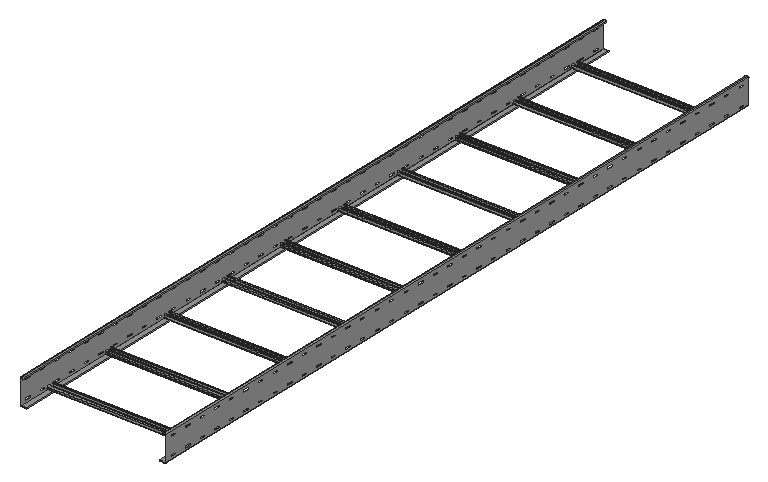
Revit family "Kabelleiter LG 116 VS 3 FT", category Generic Models, Revit 2017
Family settings
  Can host rebar = No
  Round Connector Dimension = Use Diameter
  Part Type = Normal
  Work Plane-Based = No
  Always vertical = Yes
  Cut with Voids When Loaded = No
  Shared = No
  Room Calculation Point = No
Parameters (values of type "LG 116 VS 3 FT")
  Width 1 = Width / 2  # 300 mm
  Width = 600 mm
  URL = "http://www.obo-bettermann.com"
  Material = Hot dip galvanised
  Manufacturer Art.No. = "6216435"
  Manufacturer = "OBO BETTERMANN"
  Length = 3000 mm
  GTIN = "4012195065272"
  Cut's space 2 = 75 mm
  Cut's space = 300 mm
  Cut's number 4 = 11
  Cut's number 3 = 40
  Cut's number 2 = 2
  Cut's number = 10
  Article Type = "LG 116 VS 3 FT"
Reference planes
  plane 1 "Center (Front/Back)": y = 0
  plane 2: z = 0
  plane 3 "Center (Left/Right)": x = 0
  plane 4: x = 300
  plane 5: z = 110
  plane 6: z = 104
  plane 7: z = 104
  plane 8: x = 600
  plane 9: x = 300
  plane 10: y = 3000
  plane 11: y = 150
  plane 12: x = 598.499
  plane 13: x = 1.496
  plane 14: y = 450
  plane 15: y = 750
  plane 16: y = 1050
  plane 17: y = 1350
  plane 18: y = 1650
  plane 19: y = 1950
  plane 20: y = 2250
  plane 21: y = 2550
  plane 22: y = 2850
  plane 23: z = 14
  plane 24: y = 37.5
  plane 25: z = 89
  plane 26: y = 37.5
  plane 27: z = 14
  plane 28: y = 112.5
  plane 29: z = 89
  plane 30: y = 112.5
  plane 31: z = 14
  plane 32: y = 187.5
  plane 33: z = 89
  plane 34: y = 187.5
  plane 35: z = 14
  plane 36: y = 262.5
  plane 37: z = 89
  plane 38: y = 262.5
  plane 39: z = 14
  plane 40: y = 337.5
  plane 41: z = 89
  plane 42: y = 337.5
  plane 43: z = 14
  plane 44: y = 412.5
  plane 45: z = 89
  plane 46: y = 412.5
  plane 47: z = 14
  plane 48: y = 487.5
  plane 49: z = 89
  plane 50: y = 487.5
  plane 51: z = 14
  plane 52: y = 562.5
  plane 53: z = 89
  plane 54: y = 562.5
  plane 55: z = 14
  plane 56: y = 637.5
  plane 57: z = 89
  plane 58: y = 637.5
  plane 59: z = 14
  plane 60: y = 712.5
  plane 61: z = 89
  plane 62: y = 712.5
  plane 63: z = 14
  plane 64: y = 787.5
  plane 65: z = 89
  plane 66: y = 787.5
  plane 67: z = 14
  plane 68: y = 862.5
  plane 69: z = 89
  plane 70: y = 862.5
  plane 71: z = 14
  plane 72: y = 937.5
  plane 73: z = 89
  plane 74: y = 937.5
  plane 75: z = 14
  plane 76: y = 1012.5
  plane 77: z = 89
  plane 78: y = 1012.5
  plane 79: z = 14
  plane 80: y = 1087.5
  plane 81: z = 89
  plane 82: y = 1087.5
  plane 83: z = 14
  plane 84: y = 1162.5
  plane 85: z = 89
  plane 86: y = 1162.5
  plane 87: z = 14
  plane 88: y = 1237.5
  plane 89: z = 89
  plane 90: y = 1237.5
  plane 91: z = 14
  plane 92: y = 1312.5
  plane 93: z = 89
  plane 94: y = 1312.5
  plane 95: z = 14
  plane 96: y = 1387.5
  plane 97: z = 89
  plane 98: y = 1387.5
  plane 99: z = 14
  plane 100: y = 1462.5
  plane 101: z = 89
  plane 102: y = 1462.5
  plane 103: z = 14
  plane 104: y = 1537.5
  plane 105: z = 89
  plane 106: y = 1537.5
  plane 107: z = 14
  plane 108: y = 1612.5
  plane 109: z = 89
  plane 110: y = 1612.5
  plane 111: z = 14
  plane 112: y = 1687.5
  plane 113: z = 89
  plane 114: y = 1687.5
  plane 115: z = 14
  plane 116: y = 1762.5
  plane 117: z = 89
  plane 118: y = 1762.5
  plane 119: z = 14
  plane 120: y = 1837.5
  plane 121: z = 89
  plane 122: y = 1837.5
  plane 123: z = 14
  plane 124: y = 1912.5
  plane 125: z = 89
  plane 126: y = 1912.5
  plane 127: z = 14
  plane 128: y = 1987.5
  plane 129: z = 89
  plane 130: y = 1987.5
  plane 131: z = 14
  plane 132: y = 2062.5
  plane 133: z = 89
  plane 134: y = 2062.5
  plane 135: z = 14
  plane 136: y = 2137.5
  plane 137: z = 89
  plane 138: y = 2137.5
  plane 139: z = 14
  plane 140: y = 2212.5
  plane 141: z = 89
  plane 142: y = 2212.5
  plane 143: z = 14
  plane 144: y = 2287.5
  plane 145: z = 89
  plane 146: y = 2287.5
  plane 147: z = 14
  plane 148: y = 2362.5
  plane 149: z = 89
  plane 150: y = 2362.5
  plane 151: z = 14
  plane 152: y = 2437.5
  plane 153: z = 89
  plane 154: y = 2437.5
  plane 155: z = 14
  plane 156: y = 2512.5
  plane 157: z = 89
  plane 158: y = 2512.5
  plane 159: z = 14
  plane 160: y = 2587.5
  plane 161: z = 89
  plane 162: y = 2587.5
  plane 163: z = 14
  plane 164: y = 2662.5
  plane 165: z = 89
  plane 166: y = 2662.5
  plane 167: z = 14
  plane 168: y = 2737.5
  plane 169: z = 89
  plane 170: y = 2737.5
  plane 171: z = 14
  plane 172: y = 2812.5
  plane 173: z = 89
  plane 174: y = 2812.5
  plane 175: z = 14
  plane 176: y = 2887.5
  plane 177: z = 89
  plane 178: y = 2887.5
  plane 179: z = 14
  plane 180: y = 2962.5
  plane 181: z = 89
  plane 182: y = 2962.5
  plane 183: y = 37.5
  plane 184: z = 14
  plane 185: y = 37.5
  plane 186: z = 89
  plane 187: y = 112.5
  plane 188: z = 14
  plane 189: y = 112.5
  plane 190: z = 89
  plane 191: y = 187.5
  plane 192: z = 14
  plane 193: y = 187.5
  plane 194: z = 89
  plane 195: y = 262.5
  plane 196: z = 14
  plane 197: y = 262.5
  plane 198: z = 89
  plane 199: y = 337.5
  plane 200: z = 14
  plane 201: y = 337.5
  plane 202: z = 89
  plane 203: y = 412.5
  plane 204: z = 14
  plane 205: y = 412.5
  plane 206: z = 89
  plane 207: y = 487.5
  plane 208: z = 14
  plane 209: y = 487.5
  plane 210: z = 89
  plane 211: y = 562.5
  plane 212: z = 14
  plane 213: y = 562.5
  plane 214: z = 89
  plane 215: y = 637.5
  plane 216: z = 14
  plane 217: y = 637.5
  plane 218: z = 89
  plane 219: y = 712.5
  plane 220: z = 14
  plane 221: y = 712.5
  plane 222: z = 89
  plane 223: y = 787.5
  plane 224: z = 14
  plane 225: y = 787.5
  plane 226: z = 89
  plane 227: y = 862.5
  plane 228: z = 14
  plane 229: y = 862.5
  plane 230: z = 89
  plane 231: y = 937.5
  plane 232: z = 14
  plane 233: y = 937.5
  plane 234: z = 89
  plane 235: y = 1012.5
  plane 236: z = 14
  plane 237: y = 1012.5
  plane 238: z = 89
  plane 239: y = 1087.5
  plane 240: z = 14
  plane 241: y = 1087.5
  plane 242: z = 89
  plane 243: y = 1162.5
  plane 244: z = 14
  plane 245: y = 1162.5
  plane 246: z = 89
  plane 247: y = 1237.5
  plane 248: z = 14
  plane 249: y = 1237.5
  plane 250: z = 89
  plane 251: y = 1312.5
  plane 252: z = 14
  plane 253: y = 1312.5
  plane 254: z = 89
  plane 255: y = 1387.5
  plane 256: z = 14
  plane 257: y = 1387.5
  plane 258: z = 89
  plane 259: y = 1462.5
  plane 260: z = 14
  plane 261: y = 1462.5
  plane 262: z = 89
  plane 263: y = 1537.5
  plane 264: z = 14
  plane 265: y = 1537.5
  plane 266: z = 89
  plane 267: y = 1612.5
  plane 268: z = 14
  plane 269: y = 1612.5
  plane 270: z = 89
  plane 271: y = 1687.5
  plane 272: z = 14
  plane 273: y = 1687.5
  plane 274: z = 89
  plane 275: y = 1762.5
  plane 276: z = 14
  plane 277: y = 1762.5
  plane 278: z = 89
  plane 279: y = 1837.5
  plane 280: z = 14
  plane 281: y = 1837.5
  plane 282: z = 89
  plane 283: y = 1912.5
  plane 284: z = 14
  plane 285: y = 1912.5
  plane 286: z = 89
  plane 287: y = 1987.5
  plane 288: z = 14
  plane 289: y = 1987.5
  plane 290: z = 89
  plane 291: y = 2062.5
  plane 292: z = 14
  plane 293: y = 2062.5
  plane 294: z = 89
  plane 295: y = 2137.5
  plane 296: z = 14
  plane 297: y = 2137.5
  plane 298: z = 89
  plane 299: y = 2212.5
  plane 300: z = 14
  plane 301: y = 2212.5
  plane 302: z = 89
  plane 303: y = 2287.5
  plane 304: z = 14
  plane 305: y = 2287.5
  plane 306: z = 89
  plane 307: y = 2362.5
  plane 308: z = 14
  plane 309: y = 2362.5
  plane 310: z = 89
  plane 311: y = 2437.5
  plane 312: z = 14
  plane 313: y = 2437.5
  plane 314: z = 89
  plane 315: y = 2512.5
  plane 316: z = 14
  plane 317: y = 2512.5
  plane 318: z = 89
  plane 319: y = 2587.5
  plane 320: z = 14
  plane 321: y = 2587.5
  plane 322: z = 89
  plane 323: y = 2662.5
  plane 324: z = 14
  plane 325: y = 2662.5
  plane 326: z = 89
  plane 327: y = 2737.5
  plane 328: z = 14
  plane 329: y = 2737.5
  plane 330: z = 89
  plane 331: y = 2812.5
  plane 332: z = 14
  plane 333: y = 2812.5
  plane 334: z = 89
  plane 335: y = 2887.5
  plane 336: z = 14
  plane 337: y = 2887.5
  plane 338: z = 89
  plane 339: y = 2962.5
  plane 340: z = 14
  plane 341: y = 2962.5
  plane 342: z = 89
  plane 343: x = 48.996
  plane 344: y = 150
  plane 345: x = 98.996
  plane 346: y = 150
  plane 347: x = 148.996
  plane 348: y = 150
  plane 349: x = 198.996
  plane 350: y = 150
  plane 351: x = 248.996
  plane 352: y = 150
  plane 353: x = 298.996
  plane 354: y = 150
  plane 355: x = 345.867
  plane 356: y = 150
  plane 357: x = 398.996
  plane 358: y = 150
  plane 359: x = 448.996
  plane 360: y = 150
  plane 361: x = 498.996
  plane 362: y = 150
  plane 363: x = 548.996
  plane 364: y = 150
  plane 365: x = 48.996
  plane 366: y = 750
  plane 367: x = 48.996
  plane 368: y = 1050
  plane 369: x = 48.996
  plane 370: y = 1350
  plane 371: x = 48.996
  plane 372: y = 1650
  plane 373: x = 48.996
  plane 374: y = 1950
  plane 375: x = 48.996
  plane 376: y = 2250
  plane 377: x = 48.996
  plane 378: y = 2550
  plane 379: x = 48.996
  plane 380: y = 2850
  plane 381: y = 450
  plane 382: x = 48.996
  plane 383: y = 450
  plane 384: x = 98.996
  plane 385: y = 450
  plane 386: x = 148.996
  plane 387: y = 450
  plane 388: x = 198.996
  plane 389: y = 450
  plane 390: x = 248.996
  plane 391: y = 450
  plane 392: x = 298.996
  plane 393: y = 450
  plane 394: x = 348.996
  plane 395: y = 450
  plane 396: x = 398.996
  plane 397: y = 450
  plane 398: x = 448.996
  plane 399: y = 450
  plane 400: x = 498.996
  plane 401: y = 450
  plane 402: x = 548.996
  plane 403: x = 98.996
  plane 404: y = 750
  plane 405: x = 148.996
  plane 406: y = 750
  plane 407: x = 198.996
  plane 408: y = 750
  plane 409: x = 248.996
  plane 410: y = 750
  plane 411: x = 298.996
  plane 412: y = 750
  plane 413: x = 348.996
  plane 414: y = 750
  plane 415: x = 398.996
  plane 416: y = 750
  plane 417: x = 448.996
  plane 418: y = 750
  plane 419: x = 498.996
  plane 420: y = 750
  plane 421: x = 548.996
  plane 422: y = 750
  plane 423: x = 98.996
  plane 424: y = 1050
  plane 425: x = 148.996
  plane 426: y = 1050
  plane 427: x = 198.996
  plane 428: y = 1050
  plane 429: x = 248.996
  plane 430: y = 1050
  plane 431: x = 298.996
  plane 432: y = 1050
  plane 433: x = 348.996
  plane 434: y = 1050
  plane 435: x = 398.996
  plane 436: y = 1050
  plane 437: x = 448.996
  plane 438: y = 1050
  plane 439: x = 498.996
  plane 440: y = 1050
  plane 441: x = 548.996
  plane 442: y = 1050
  plane 443: x = 98.996
  plane 444: y = 1350
  plane 445: x = 148.996
  plane 446: y = 1350
  plane 447: x = 198.996
  plane 448: y = 1350
  plane 449: x = 248.996
  plane 450: y = 1350
  plane 451: x = 298.996
  plane 452: y = 1350
  plane 453: x = 348.996
  plane 454: y = 1350
  plane 455: x = 398.996
  plane 456: y = 1350
  plane 457: x = 448.996
  plane 458: y = 1350
  plane 459: x = 498.996
  plane 460: y = 1350
  plane 461: x = 548.996
  plane 462: y = 1350
  plane 463: x = 98.996
  plane 464: y = 1650
  plane 465: x = 148.996
  plane 466: y = 1650
  plane 467: x = 198.996
  plane 468: y = 1650
  plane 469: x = 248.996
  plane 470: y = 1650
  plane 471: x = 298.996
  plane 472: y = 1650
  plane 473: x = 348.996
  plane 474: y = 1650
  plane 475: x = 398.996
  plane 476: y = 1650
  plane 477: x = 448.996
  plane 478: y = 1650
  plane 479: x = 498.996
  plane 480: y = 1650
  plane 481: x = 548.996
  plane 482: y = 1650
  plane 483: x = 98.996
  plane 484: y = 1950
  plane 485: x = 148.996
  plane 486: y = 1950
  plane 487: x = 198.996
  plane 488: y = 1950
  plane 489: x = 248.996
  plane 490: y = 1950
  plane 491: x = 298.996
  plane 492: y = 1950
  plane 493: x = 348.996
  plane 494: y = 1950
  plane 495: x = 398.996
  plane 496: y = 1950
  plane 497: x = 448.996
  plane 498: y = 1950
  plane 499: x = 498.996
  plane 500: y = 1950
  plane 501: x = 548.996
  plane 502: y = 1950
  plane 503: x = 98.996
  plane 504: y = 2250
  plane 505: x = 148.996
  plane 506: y = 2250
  plane 507: x = 198.996
  plane 508: y = 2250
  plane 509: x = 248.996
  plane 510: y = 2250
  plane 511: x = 298.996
  plane 512: y = 2250
  plane 513: x = 348.996
  plane 514: y = 2250
  plane 515: x = 398.996
  plane 516: y = 2250
  plane 517: x = 448.996
  plane 518: y = 2250
  plane 519: x = 498.996
  plane 520: y = 2250
  plane 521: x = 548.996
  plane 522: y = 2250
  plane 523: x = 98.996
  plane 524: y = 2550
  plane 525: x = 148.996
  plane 526: y = 2550
  plane 527: x = 198.996
  plane 528: y = 2550
  plane 529: x = 248.996
  plane 530: y = 2550
  plane 531: x = 298.996
  plane 532: y = 2550
  plane 533: x = 348.996
  plane 534: y = 2550
  plane 535: x = 398.996
  plane 536: y = 2550
  plane 537: x = 448.996
  plane 538: y = 2550
  plane 539: x = 498.996
  plane 540: y = 2550
  plane 541: x = 548.996
  plane 542: y = 2550
  plane 543: x = 98.996
  plane 544: y = 2850
  plane 545: x = 148.996
  plane 546: y = 2850
  plane 547: x = 198.996
  plane 548: y = 2850
  plane 549: x = 248.996
  plane 550: y = 2850
  plane 551: x = 298.996
  plane 552: y = 2850
  plane 553: x = 348.996
  plane 554: y = 2850
  plane 555: x = 398.996
  plane 556: y = 2850
  plane 557: x = 448.996
  plane 558: y = 2850
  plane 559: x = 498.996
  plane 560: y = 2850
  plane 561: x = 548.996
  plane 562: y = 2850
Forms (mm)
  Extrusion 1, solid, material "Hot dip galvanised" <- "Material"
    sketch origin (0, 0, 0) x (1, 0, 0) y (0, 0, 1)
      loop
        line (2.5, 0) -> (26.959, 0) -> (26.959, 1.5) -> (2.5, 1.5)
        arc (2.5, 1.5) -> (1.793, 1.793) -> (1.5, 2.5) r 1
        line (1.5, 2.5) -> (1.5, 104)
        arc (1.5, 104) -> (6, 108.5) -> (10.5, 104) r 4.5
        line (10.5, 104) -> (10.5, 101) -> (12, 101) -> (12, 104)
        arc (12, 104) -> (6, 110) -> (0, 104) r 6
        line (0, 104) -> (0, 2.5)
        arc (0, 2.5) -> (0.732, 0.732) -> (2.5, 0) r 2.5
      loop
        line (600, 2.5) -> (600, 104)
        arc (600, 104) -> (594, 110) -> (588, 104) r 6
        line (588, 104) -> (588, 101) -> (589.5, 101) -> (589.5, 104)
        arc (589.5, 104) -> (594, 108.5) -> (598.5, 104) r 4.5
        line (598.5, 104) -> (598.5, 2.5)
        arc (598.5, 2.5) -> (598.207, 1.793) -> (597.5, 1.5) r 1
        line (597.5, 1.5) -> (573, 1.5) -> (573, 0) -> (597.5, 0)
        arc (597.5, 0) -> (599.268, 0.732) -> (600, 2.5) r 2.5
    from 0 to -3000
  Extrusion 2, solid, material "Hot dip galvanised" <- "Material"
    sketch origin (0, 0, 0) x (0, 1, 0) y (0, 0, 1)
      loop
        line (150, 3) -> (138, 3)
        arc (138, 3) -> (136.939, 3.439) -> (136.5, 4.5) r 1.5
        line (136.5, 4.5) -> (136.5, 13.5)
        arc (136.5, 13.5) -> (136.939, 14.561) -> (138, 15) r 1.5
        line (138, 15) -> (141.496, 15) -> (141.496, 16.5) -> (138, 16.5)
        arc (138, 16.5) -> (135.879, 15.621) -> (135, 13.5) r 3
        line (135, 13.5) -> (135, 4.5)
        arc (135, 4.5) -> (135.879, 2.379) -> (138, 1.5) r 3
        line (138, 1.5) -> (150, 1.5) -> (162, 1.5)
        arc (162, 1.5) -> (164.121, 2.379) -> (165, 4.5) r 3
        line (165, 4.5) -> (165, 13.5)
        arc (165, 13.5) -> (164.121, 15.621) -> (162, 16.5) r 3
        line (162, 16.5) -> (158.5, 16.5) -> (158.5, 15) -> (162, 15)
        arc (162, 15) -> (163.061, 14.561) -> (163.5, 13.5) r 1.5
        line (163.5, 13.5) -> (163.5, 4.5)
        arc (163.5, 4.5) -> (163.061, 3.439) -> (162, 3) r 1.5
        line (162, 3) -> (150, 3)
    from 1.496 to 598.499
  Extrusion 3, solid, material "Hot dip galvanised" <- "Material"
    sketch origin (0, 300, 0) x (0, 1, 0) y (0, 0, 1)
      loop
        line (150, 3) -> (138, 3)
        arc (138, 3) -> (136.939, 3.439) -> (136.5, 4.5) r 1.5
        line (136.5, 4.5) -> (136.5, 13.5)
        arc (136.5, 13.5) -> (136.939, 14.561) -> (138, 15) r 1.5
        line (138, 15) -> (141.496, 15) -> (141.496, 16.5) -> (138, 16.5)
        arc (138, 16.5) -> (135.879, 15.621) -> (135, 13.5) r 3
        line (135, 13.5) -> (135, 4.5)
        arc (135, 4.5) -> (135.879, 2.379) -> (138, 1.5) r 3
        line (138, 1.5) -> (150, 1.5) -> (162, 1.5)
        arc (162, 1.5) -> (164.121, 2.379) -> (165, 4.5) r 3
        line (165, 4.5) -> (165, 13.5)
        arc (165, 13.5) -> (164.121, 15.621) -> (162, 16.5) r 3
        line (162, 16.5) -> (158.5, 16.5) -> (158.5, 15) -> (162, 15)
        arc (162, 15) -> (163.061, 14.561) -> (163.5, 13.5) r 1.5
        line (163.5, 13.5) -> (163.5, 4.5)
        arc (163.5, 4.5) -> (163.061, 3.439) -> (162, 3) r 1.5
        line (162, 3) -> (150, 3)
    from 1.496 to 598.499
  Extrusion 4, solid, material "Hot dip galvanised" <- "Material"
    sketch origin (0, 600, 0) x (0, 1, 0) y (0, 0, 1)
      loop
        line (150, 3) -> (138, 3)
        arc (138, 3) -> (136.939, 3.439) -> (136.5, 4.5) r 1.5
        line (136.5, 4.5) -> (136.5, 13.5)
        arc (136.5, 13.5) -> (136.939, 14.561) -> (138, 15) r 1.5
        line (138, 15) -> (141.496, 15) -> (141.496, 16.5) -> (138, 16.5)
        arc (138, 16.5) -> (135.879, 15.621) -> (135, 13.5) r 3
        line (135, 13.5) -> (135, 4.5)
        arc (135, 4.5) -> (135.879, 2.379) -> (138, 1.5) r 3
        line (138, 1.5) -> (150, 1.5) -> (162, 1.5)
        arc (162, 1.5) -> (164.121, 2.379) -> (165, 4.5) r 3
        line (165, 4.5) -> (165, 13.5)
        arc (165, 13.5) -> (164.121, 15.621) -> (162, 16.5) r 3
        line (162, 16.5) -> (158.5, 16.5) -> (158.5, 15) -> (162, 15)
        arc (162, 15) -> (163.061, 14.561) -> (163.5, 13.5) r 1.5
        line (163.5, 13.5) -> (163.5, 4.5)
        arc (163.5, 4.5) -> (163.061, 3.439) -> (162, 3) r 1.5
        line (162, 3) -> (150, 3)
    from 1.496 to 598.499
  Extrusion 5, solid, material "Hot dip galvanised"
    sketch origin (0, 900, 0) x (0, 1, 0) y (0, 0, 1)
      loop
        line (150, 3) -> (138, 3)
        arc (138, 3) -> (136.939, 3.439) -> (136.5, 4.5) r 1.5
        line (136.5, 4.5) -> (136.5, 13.5)
        arc (136.5, 13.5) -> (136.939, 14.561) -> (138, 15) r 1.5
        line (138, 15) -> (141.496, 15) -> (141.496, 16.5) -> (138, 16.5)
        arc (138, 16.5) -> (135.879, 15.621) -> (135, 13.5) r 3
        line (135, 13.5) -> (135, 4.5)
        arc (135, 4.5) -> (135.879, 2.379) -> (138, 1.5) r 3
        line (138, 1.5) -> (150, 1.5) -> (162, 1.5)
        arc (162, 1.5) -> (164.121, 2.379) -> (165, 4.5) r 3
        line (165, 4.5) -> (165, 13.5)
        arc (165, 13.5) -> (164.121, 15.621) -> (162, 16.5) r 3
        line (162, 16.5) -> (158.5, 16.5) -> (158.5, 15) -> (162, 15)
        arc (162, 15) -> (163.061, 14.561) -> (163.5, 13.5) r 1.5
        line (163.5, 13.5) -> (163.5, 4.5)
        arc (163.5, 4.5) -> (163.061, 3.439) -> (162, 3) r 1.5
        line (162, 3) -> (150, 3)
    from 1.496 to 598.499
  Extrusion 6, solid, material "Hot dip galvanised" <- "Material"
    sketch origin (0, 1200, 0) x (0, 1, 0) y (0, 0, 1)
      loop
        line (150, 3) -> (138, 3)
        arc (138, 3) -> (136.939, 3.439) -> (136.5, 4.5) r 1.5
        line (136.5, 4.5) -> (136.5, 13.5)
        arc (136.5, 13.5) -> (136.939, 14.561) -> (138, 15) r 1.5
        line (138, 15) -> (141.496, 15) -> (141.496, 16.5) -> (138, 16.5)
        arc (138, 16.5) -> (135.879, 15.621) -> (135, 13.5) r 3
        line (135, 13.5) -> (135, 4.5)
        arc (135, 4.5) -> (135.879, 2.379) -> (138, 1.5) r 3
        line (138, 1.5) -> (150, 1.5) -> (162, 1.5)
        arc (162, 1.5) -> (164.121, 2.379) -> (165, 4.5) r 3
        line (165, 4.5) -> (165, 13.5)
        arc (165, 13.5) -> (164.121, 15.621) -> (162, 16.5) r 3
        line (162, 16.5) -> (158.5, 16.5) -> (158.5, 15) -> (162, 15)
        arc (162, 15) -> (163.061, 14.561) -> (163.5, 13.5) r 1.5
        line (163.5, 13.5) -> (163.5, 4.5)
        arc (163.5, 4.5) -> (163.061, 3.439) -> (162, 3) r 1.5
        line (162, 3) -> (150, 3)
    from 1.496 to 598.499
  Extrusion 7, solid, material "Hot dip galvanised" <- "Material"
    sketch origin (0, 1500, 0) x (0, 1, 0) y (0, 0, 1)
      loop
        line (150, 3) -> (138, 3)
        arc (138, 3) -> (136.939, 3.439) -> (136.5, 4.5) r 1.5
        line (136.5, 4.5) -> (136.5, 13.5)
        arc (136.5, 13.5) -> (136.939, 14.561) -> (138, 15) r 1.5
        line (138, 15) -> (141.496, 15) -> (141.496, 16.5) -> (138, 16.5)
        arc (138, 16.5) -> (135.879, 15.621) -> (135, 13.5) r 3
        line (135, 13.5) -> (135, 4.5)
        arc (135, 4.5) -> (135.879, 2.379) -> (138, 1.5) r 3
        line (138, 1.5) -> (150, 1.5) -> (162, 1.5)
        arc (162, 1.5) -> (164.121, 2.379) -> (165, 4.5) r 3
        line (165, 4.5) -> (165, 13.5)
        arc (165, 13.5) -> (164.121, 15.621) -> (162, 16.5) r 3
        line (162, 16.5) -> (158.5, 16.5) -> (158.5, 15) -> (162, 15)
        arc (162, 15) -> (163.061, 14.561) -> (163.5, 13.5) r 1.5
        line (163.5, 13.5) -> (163.5, 4.5)
        arc (163.5, 4.5) -> (163.061, 3.439) -> (162, 3) r 1.5
        line (162, 3) -> (150, 3)
    from 1.496 to 598.499
  Extrusion 8, solid, material "Hot dip galvanised" <- "Material"
    sketch origin (0, 1800, 0) x (0, 1, 0) y (0, 0, 1)
      loop
        line (150, 3) -> (138, 3)
        arc (138, 3) -> (136.939, 3.439) -> (136.5, 4.5) r 1.5
        line (136.5, 4.5) -> (136.5, 13.5)
        arc (136.5, 13.5) -> (136.939, 14.561) -> (138, 15) r 1.5
        line (138, 15) -> (141.496, 15) -> (141.496, 16.5) -> (138, 16.5)
        arc (138, 16.5) -> (135.879, 15.621) -> (135, 13.5) r 3
        line (135, 13.5) -> (135, 4.5)
        arc (135, 4.5) -> (135.879, 2.379) -> (138, 1.5) r 3
        line (138, 1.5) -> (150, 1.5) -> (162, 1.5)
        arc (162, 1.5) -> (164.121, 2.379) -> (165, 4.5) r 3
        line (165, 4.5) -> (165, 13.5)
        arc (165, 13.5) -> (164.121, 15.621) -> (162, 16.5) r 3
        line (162, 16.5) -> (158.5, 16.5) -> (158.5, 15) -> (162, 15)
        arc (162, 15) -> (163.061, 14.561) -> (163.5, 13.5) r 1.5
        line (163.5, 13.5) -> (163.5, 4.5)
        arc (163.5, 4.5) -> (163.061, 3.439) -> (162, 3) r 1.5
        line (162, 3) -> (150, 3)
    from 1.496 to 598.499
  Extrusion 9, solid, material "Hot dip galvanised" <- "Material"
    sketch origin (0, 2100, 0) x (0, 1, 0) y (0, 0, 1)
      loop
        line (150, 3) -> (138, 3)
        arc (138, 3) -> (136.939, 3.439) -> (136.5, 4.5) r 1.5
        line (136.5, 4.5) -> (136.5, 13.5)
        arc (136.5, 13.5) -> (136.939, 14.561) -> (138, 15) r 1.5
        line (138, 15) -> (141.496, 15) -> (141.496, 16.5) -> (138, 16.5)
        arc (138, 16.5) -> (135.879, 15.621) -> (135, 13.5) r 3
        line (135, 13.5) -> (135, 4.5)
        arc (135, 4.5) -> (135.879, 2.379) -> (138, 1.5) r 3
        line (138, 1.5) -> (150, 1.5) -> (162, 1.5)
        arc (162, 1.5) -> (164.121, 2.379) -> (165, 4.5) r 3
        line (165, 4.5) -> (165, 13.5)
        arc (165, 13.5) -> (164.121, 15.621) -> (162, 16.5) r 3
        line (162, 16.5) -> (158.5, 16.5) -> (158.5, 15) -> (162, 15)
        arc (162, 15) -> (163.061, 14.561) -> (163.5, 13.5) r 1.5
        line (163.5, 13.5) -> (163.5, 4.5)
        arc (163.5, 4.5) -> (163.061, 3.439) -> (162, 3) r 1.5
        line (162, 3) -> (150, 3)
    from 1.496 to 598.499
  Extrusion 10, solid, material "Hot dip galvanised" <- "Material"
    sketch origin (0, 2400, 0) x (0, 1, 0) y (0, 0, 1)
      loop
        line (150, 3) -> (138, 3)
        arc (138, 3) -> (136.939, 3.439) -> (136.5, 4.5) r 1.5
        line (136.5, 4.5) -> (136.5, 13.5)
        arc (136.5, 13.5) -> (136.939, 14.561) -> (138, 15) r 1.5
        line (138, 15) -> (141.496, 15) -> (141.496, 16.5) -> (138, 16.5)
        arc (138, 16.5) -> (135.879, 15.621) -> (135, 13.5) r 3
        line (135, 13.5) -> (135, 4.5)
        arc (135, 4.5) -> (135.879, 2.379) -> (138, 1.5) r 3
        line (138, 1.5) -> (150, 1.5) -> (162, 1.5)
        arc (162, 1.5) -> (164.121, 2.379) -> (165, 4.5) r 3
        line (165, 4.5) -> (165, 13.5)
        arc (165, 13.5) -> (164.121, 15.621) -> (162, 16.5) r 3
        line (162, 16.5) -> (158.5, 16.5) -> (158.5, 15) -> (162, 15)
        arc (162, 15) -> (163.061, 14.561) -> (163.5, 13.5) r 1.5
        line (163.5, 13.5) -> (163.5, 4.5)
        arc (163.5, 4.5) -> (163.061, 3.439) -> (162, 3) r 1.5
        line (162, 3) -> (150, 3)
    from 1.496 to 598.499
  Extrusion 11, solid, material "Hot dip galvanised" <- "Material"
    sketch origin (0, 2700, 0) x (0, 1, 0) y (0, 0, 1)
      loop
        line (150, 2.991) -> (138, 2.991)
        arc (138, 2.991) -> (136.939, 3.431) -> (136.5, 4.491) r 1.5
        line (136.5, 4.491) -> (136.5, 13.495)
        arc (136.5, 13.495) -> (136.938, 14.553) -> (137.997, 14.991) r 1.497
        line (137.997, 14.991) -> (141.496, 14.991) -> (141.496, 16.491) -> (137.997, 16.491)
        arc (137.997, 16.491) -> (135.878, 15.614) -> (135, 13.495) r 2.997
        line (135, 13.495) -> (135, 4.5)
        arc (135, 4.5) -> (135.879, 2.379) -> (138, 1.5) r 3
        line (138, 1.5) -> (150, 1.5) -> (162, 1.5)
        arc (162, 1.5) -> (164.121, 2.379) -> (165, 4.5) r 3
        line (165, 4.5) -> (165, 13.495)
        arc (165, 13.495) -> (164.122, 15.614) -> (162.003, 16.491) r 2.997
        line (162.003, 16.491) -> (158.5, 16.491) -> (158.5, 14.991) -> (162.003, 14.991)
        arc (162.003, 14.991) -> (163.062, 14.553) -> (163.5, 13.495) r 1.497
        line (163.5, 13.495) -> (163.5, 4.491)
        arc (163.5, 4.491) -> (163.061, 3.431) -> (162, 2.991) r 1.5
        line (162, 2.991) -> (150, 2.991)
    from 1.496 to 598.499
  Extrusion 12, void
    sketch origin (0, 0, 0) x (0, 1, 0) y (0, 0, 1)
      loop
        line (23.5, 18.5) -> (23.5, 9.5) -> (51.5, 9.5) -> (51.5, 18.5) -> (23.5, 18.5)
    from 598.5 to 600
  Extrusion 13, void
    sketch origin (0, 0, 75) x (0, 1, 0) y (0, 0, 1)
      loop
        line (23.5, 18.5) -> (23.5, 9.5) -> (51.5, 9.5) -> (51.5, 18.5) -> (23.5, 18.5)
    from 598.5 to 600
  Extrusion 14, void
    sketch origin (0, 75, 0) x (0, 1, 0) y (0, 0, 1)
      loop
        line (23.5, 18.5) -> (23.5, 9.5) -> (51.5, 9.5) -> (51.5, 18.5) -> (23.5, 18.5)
    from 598.5 to 600
  Extrusion 15, void
    sketch origin (0, 75, 75) x (0, 1, 0) y (0, 0, 1)
      loop
        line (23.5, 18.5) -> (23.5, 9.5) -> (51.5, 9.5) -> (51.5, 18.5) -> (23.5, 18.5)
    from 598.5 to 600
  Extrusion 16, void
    sketch origin (0, 150, 0) x (0, 1, 0) y (0, 0, 1)
      loop
        line (23.5, 18.5) -> (23.5, 9.5) -> (51.5, 9.5) -> (51.5, 18.5) -> (23.5, 18.5)
    from 598.5 to 600
  Extrusion 17, void
    sketch origin (0, 150, 75) x (0, 1, 0) y (0, 0, 1)
      loop
        line (23.5, 18.5) -> (23.5, 9.5) -> (51.5, 9.5) -> (51.5, 18.5) -> (23.5, 18.5)
    from 598.5 to 600
  Extrusion 18, void
    sketch origin (0, 225, 0) x (0, 1, 0) y (0, 0, 1)
      loop
        line (23.5, 18.5) -> (23.5, 9.5) -> (51.5, 9.5) -> (51.5, 18.5) -> (23.5, 18.5)
    from 598.5 to 600
  Extrusion 19, void
    sketch origin (0, 225, 75) x (0, 1, 0) y (0, 0, 1)
      loop
        line (23.5, 18.5) -> (23.5, 9.5) -> (51.5, 9.5) -> (51.5, 18.5) -> (23.5, 18.5)
    from 598.5 to 600
  Extrusion 20, void
    sketch origin (0, 300, 0) x (0, 1, 0) y (0, 0, 1)
      loop
        line (23.5, 18.5) -> (23.5, 9.5) -> (51.5, 9.5) -> (51.5, 18.5) -> (23.5, 18.5)
    from 598.5 to 600
  Extrusion 21, void
    sketch origin (0, 300, 75) x (0, 1, 0) y (0, 0, 1)
      loop
        line (23.5, 18.5) -> (23.5, 9.5) -> (51.5, 9.5) -> (51.5, 18.5) -> (23.5, 18.5)
    from 598.5 to 600
  Extrusion 22, void
    sketch origin (0, 375, 0) x (0, 1, 0) y (0, 0, 1)
      loop
        line (23.5, 18.5) -> (23.5, 9.5) -> (51.5, 9.5) -> (51.5, 18.5) -> (23.5, 18.5)
    from 598.5 to 600
  Extrusion 23, void
    sketch origin (0, 375, 75) x (0, 1, 0) y (0, 0, 1)
      loop
        line (23.5, 18.5) -> (23.5, 9.5) -> (51.5, 9.5) -> (51.5, 18.5) -> (23.5, 18.5)
    from 598.5 to 600
  Extrusion 24, void
    sketch origin (0, 450, 0) x (0, 1, 0) y (0, 0, 1)
      loop
        line (23.5, 18.5) -> (23.5, 9.5) -> (51.5, 9.5) -> (51.5, 18.5) -> (23.5, 18.5)
    from 598.5 to 600
  Extrusion 25, void
    sketch origin (0, 450, 75) x (0, 1, 0) y (0, 0, 1)
      loop
        line (23.5, 18.5) -> (23.5, 9.5) -> (51.5, 9.5) -> (51.5, 18.5) -> (23.5, 18.5)
    from 598.5 to 600
  Extrusion 26, void
    sketch origin (0, 525, 0) x (0, 1, 0) y (0, 0, 1)
      loop
        line (23.5, 18.5) -> (23.5, 9.5) -> (51.5, 9.5) -> (51.5, 18.5) -> (23.5, 18.5)
    from 598.5 to 600
  Extrusion 27, void
    sketch origin (0, 525, 75) x (0, 1, 0) y (0, 0, 1)
      loop
        line (23.5, 18.5) -> (23.5, 9.5) -> (51.5, 9.5) -> (51.5, 18.5) -> (23.5, 18.5)
    from 598.5 to 600
  Extrusion 28, void
    sketch origin (0, 600, 0) x (0, 1, 0) y (0, 0, 1)
      loop
        line (23.5, 18.5) -> (23.5, 9.5) -> (51.5, 9.5) -> (51.5, 18.5) -> (23.5, 18.5)
    from 598.5 to 600
  Extrusion 29, void
    sketch origin (0, 600, 75) x (0, 1, 0) y (0, 0, 1)
      loop
        line (23.5, 18.5) -> (23.5, 9.5) -> (51.5, 9.5) -> (51.5, 18.5) -> (23.5, 18.5)
    from 598.5 to 600
  Extrusion 30, void
    sketch origin (0, 675, 0) x (0, 1, 0) y (0, 0, 1)
      loop
        line (23.5, 18.5) -> (23.5, 9.5) -> (51.5, 9.5) -> (51.5, 18.5) -> (23.5, 18.5)
    from 598.5 to 600
  Extrusion 31, void
    sketch origin (0, 675, 75) x (0, 1, 0) y (0, 0, 1)
      loop
        line (23.5, 18.5) -> (23.5, 9.5) -> (51.5, 9.5) -> (51.5, 18.5) -> (23.5, 18.5)
    from 598.5 to 600
  Extrusion 32, void
    sketch origin (0, 750, 0) x (0, 1, 0) y (0, 0, 1)
      loop
        line (23.5, 18.5) -> (23.5, 9.5) -> (51.5, 9.5) -> (51.5, 18.5) -> (23.5, 18.5)
    from 598.5 to 600
  Extrusion 33, void
    sketch origin (0, 750, 75) x (0, 1, 0) y (0, 0, 1)
      loop
        line (23.5, 18.5) -> (23.5, 9.5) -> (51.5, 9.5) -> (51.5, 18.5) -> (23.5, 18.5)
    from 598.5 to 600
  Extrusion 34, void
    sketch origin (0, 825, 0) x (0, 1, 0) y (0, 0, 1)
      loop
        line (23.5, 18.5) -> (23.5, 9.5) -> (51.5, 9.5) -> (51.5, 18.5) -> (23.5, 18.5)
    from 598.5 to 600
  Extrusion 35, void
    sketch origin (0, 825, 75) x (0, 1, 0) y (0, 0, 1)
      loop
        line (23.5, 18.5) -> (23.5, 9.5) -> (51.5, 9.5) -> (51.5, 18.5) -> (23.5, 18.5)
    from 598.5 to 600
  Extrusion 36, void
    sketch origin (0, 900, 0) x (0, 1, 0) y (0, 0, 1)
      loop
        line (23.5, 18.5) -> (23.5, 9.5) -> (51.5, 9.5) -> (51.5, 18.5) -> (23.5, 18.5)
    from 598.5 to 600
  Extrusion 37, void
    sketch origin (0, 900, 75) x (0, 1, 0) y (0, 0, 1)
      loop
        line (23.5, 18.5) -> (23.5, 9.5) -> (51.5, 9.5) -> (51.5, 18.5) -> (23.5, 18.5)
    from 598.5 to 600
  Extrusion 38, void
    sketch origin (0, 975, 0) x (0, 1, 0) y (0, 0, 1)
      loop
        line (23.5, 18.5) -> (23.5, 9.5) -> (51.5, 9.5) -> (51.5, 18.5) -> (23.5, 18.5)
    from 598.5 to 600
  Extrusion 39, void
    sketch origin (0, 975, 75) x (0, 1, 0) y (0, 0, 1)
      loop
        line (23.5, 18.5) -> (23.5, 9.5) -> (51.5, 9.5) -> (51.5, 18.5) -> (23.5, 18.5)
    from 598.5 to 600
  Extrusion 40, void
    sketch origin (0, 1050, 0) x (0, 1, 0) y (0, 0, 1)
      loop
        line (23.5, 18.5) -> (23.5, 9.5) -> (51.5, 9.5) -> (51.5, 18.5) -> (23.5, 18.5)
    from 598.5 to 600
  Extrusion 41, void
    sketch origin (0, 1050, 75) x (0, 1, 0) y (0, 0, 1)
      loop
        line (23.5, 18.5) -> (23.5, 9.5) -> (51.5, 9.5) -> (51.5, 18.5) -> (23.5, 18.5)
    from 598.5 to 600
  Extrusion 42, void
    sketch origin (0, 1125, 0) x (0, 1, 0) y (0, 0, 1)
      loop
        line (23.5, 18.5) -> (23.5, 9.5) -> (51.5, 9.5) -> (51.5, 18.5) -> (23.5, 18.5)
    from 598.5 to 600
  Extrusion 43, void
    sketch origin (0, 1125, 75) x (0, 1, 0) y (0, 0, 1)
      loop
        line (23.5, 18.5) -> (23.5, 9.5) -> (51.5, 9.5) -> (51.5, 18.5) -> (23.5, 18.5)
    from 598.5 to 600
  Extrusion 44, void
    sketch origin (0, 1200, 0) x (0, 1, 0) y (0, 0, 1)
      loop
        line (23.5, 18.5) -> (23.5, 9.5) -> (51.5, 9.5) -> (51.5, 18.5) -> (23.5, 18.5)
    from 598.5 to 600
  Extrusion 45, void
    sketch origin (0, 1200, 75) x (0, 1, 0) y (0, 0, 1)
      loop
        line (23.5, 18.5) -> (23.5, 9.5) -> (51.5, 9.5) -> (51.5, 18.5) -> (23.5, 18.5)
    from 598.5 to 600
  Extrusion 46, void
    sketch origin (0, 1275, 0) x (0, 1, 0) y (0, 0, 1)
      loop
        line (23.5, 18.5) -> (23.5, 9.5) -> (51.5, 9.5) -> (51.5, 18.5) -> (23.5, 18.5)
    from 598.5 to 600
  Extrusion 47, void
    sketch origin (0, 1275, 75) x (0, 1, 0) y (0, 0, 1)
      loop
        line (23.5, 18.5) -> (23.5, 9.5) -> (51.5, 9.5) -> (51.5, 18.5) -> (23.5, 18.5)
    from 598.5 to 600
  Extrusion 48, void
    sketch origin (0, 1350, 0) x (0, 1, 0) y (0, 0, 1)
      loop
        line (23.5, 18.5) -> (23.5, 9.5) -> (51.5, 9.5) -> (51.5, 18.5) -> (23.5, 18.5)
    from 598.5 to 600
  Extrusion 49, void
    sketch origin (0, 1350, 75) x (0, 1, 0) y (0, 0, 1)
      loop
        line (23.5, 18.5) -> (23.5, 9.5) -> (51.5, 9.5) -> (51.5, 18.5) -> (23.5, 18.5)
    from 598.5 to 600
  Extrusion 50, void
    sketch origin (0, 1425, 0) x (0, 1, 0) y (0, 0, 1)
      loop
        line (23.5, 18.5) -> (23.5, 9.5) -> (51.5, 9.5) -> (51.5, 18.5) -> (23.5, 18.5)
    from 598.5 to 600
  Extrusion 51, void
    sketch origin (0, 1425, 75) x (0, 1, 0) y (0, 0, 1)
      loop
        line (23.5, 18.5) -> (23.5, 9.5) -> (51.5, 9.5) -> (51.5, 18.5) -> (23.5, 18.5)
    from 598.5 to 600
  Extrusion 52, void
    sketch origin (0, 1500, 0) x (0, 1, 0) y (0, 0, 1)
      loop
        line (23.5, 18.5) -> (23.5, 9.5) -> (51.5, 9.5) -> (51.5, 18.5) -> (23.5, 18.5)
    from 598.5 to 600
  Extrusion 53, void
    sketch origin (0, 1500, 75) x (0, 1, 0) y (0, 0, 1)
      loop
        line (23.5, 18.5) -> (23.5, 9.5) -> (51.5, 9.5) -> (51.5, 18.5) -> (23.5, 18.5)
    from 598.5 to 600
  Extrusion 54, void
    sketch origin (0, 1575, 0) x (0, 1, 0) y (0, 0, 1)
      loop
        line (23.5, 18.5) -> (23.5, 9.5) -> (51.5, 9.5) -> (51.5, 18.5) -> (23.5, 18.5)
    from 598.5 to 600
  Extrusion 55, void
    sketch origin (0, 1575, 75) x (0, 1, 0) y (0, 0, 1)
      loop
        line (23.5, 18.5) -> (23.5, 9.5) -> (51.5, 9.5) -> (51.5, 18.5) -> (23.5, 18.5)
    from 598.5 to 600
  Extrusion 56, void
    sketch origin (0, 1650, 0) x (0, 1, 0) y (0, 0, 1)
      loop
        line (23.5, 18.5) -> (23.5, 9.5) -> (51.5, 9.5) -> (51.5, 18.5) -> (23.5, 18.5)
    from 598.5 to 600
  Extrusion 57, void
    sketch origin (0, 1650, 75) x (0, 1, 0) y (0, 0, 1)
      loop
        line (23.5, 18.5) -> (23.5, 9.5) -> (51.5, 9.5) -> (51.5, 18.5) -> (23.5, 18.5)
    from 598.5 to 600
  Extrusion 58, void
    sketch origin (0, 1725, 0) x (0, 1, 0) y (0, 0, 1)
      loop
        line (23.5, 18.5) -> (23.5, 9.5) -> (51.5, 9.5) -> (51.5, 18.5) -> (23.5, 18.5)
    from 598.5 to 600
  Extrusion 59, void
    sketch origin (0, 1725, 75) x (0, 1, 0) y (0, 0, 1)
      loop
        line (23.5, 18.5) -> (23.5, 9.5) -> (51.5, 9.5) -> (51.5, 18.5) -> (23.5, 18.5)
    from 598.5 to 600
  Extrusion 60, void
    sketch origin (0, 1800, 0) x (0, 1, 0) y (0, 0, 1)
      loop
        line (23.5, 18.5) -> (23.5, 9.5) -> (51.5, 9.5) -> (51.5, 18.5) -> (23.5, 18.5)
    from 598.5 to 600
  Extrusion 61, void
    sketch origin (0, 1800, 75) x (0, 1, 0) y (0, 0, 1)
      loop
        line (23.5, 18.5) -> (23.5, 9.5) -> (51.5, 9.5) -> (51.5, 18.5) -> (23.5, 18.5)
    from 598.5 to 600
  Extrusion 62, void
    sketch origin (0, 1875, 0) x (0, 1, 0) y (0, 0, 1)
      loop
        line (23.5, 18.5) -> (23.5, 9.5) -> (51.5, 9.5) -> (51.5, 18.5) -> (23.5, 18.5)
    from 598.5 to 600
  Extrusion 63, void
    sketch origin (0, 1875, 75) x (0, 1, 0) y (0, 0, 1)
      loop
        line (23.5, 18.5) -> (23.5, 9.5) -> (51.5, 9.5) -> (51.5, 18.5) -> (23.5, 18.5)
    from 598.5 to 600
  Extrusion 64, void
    sketch origin (0, 1950, 0) x (0, 1, 0) y (0, 0, 1)
      loop
        line (23.5, 18.5) -> (23.5, 9.5) -> (51.5, 9.5) -> (51.5, 18.5) -> (23.5, 18.5)
    from 598.5 to 600
  Extrusion 65, void
    sketch origin (0, 1950, 75) x (0, 1, 0) y (0, 0, 1)
      loop
        line (23.5, 18.5) -> (23.5, 9.5) -> (51.5, 9.5) -> (51.5, 18.5) -> (23.5, 18.5)
    from 598.5 to 600
  Extrusion 66, void
    sketch origin (0, 2025, 0) x (0, 1, 0) y (0, 0, 1)
      loop
        line (23.5, 18.5) -> (23.5, 9.5) -> (51.5, 9.5) -> (51.5, 18.5) -> (23.5, 18.5)
    from 598.5 to 600
  Extrusion 67, void
    sketch origin (0, 2025, 75) x (0, 1, 0) y (0, 0, 1)
      loop
        line (23.5, 18.5) -> (23.5, 9.5) -> (51.5, 9.5) -> (51.5, 18.5) -> (23.5, 18.5)
    from 598.5 to 600
  Extrusion 68, void
    sketch origin (0, 2100, 0) x (0, 1, 0) y (0, 0, 1)
      loop
        line (23.5, 18.5) -> (23.5, 9.5) -> (51.5, 9.5) -> (51.5, 18.5) -> (23.5, 18.5)
    from 598.5 to 600
  Extrusion 69, void
    sketch origin (0, 2100, 75) x (0, 1, 0) y (0, 0, 1)
      loop
        line (23.5, 18.5) -> (23.5, 9.5) -> (51.5, 9.5) -> (51.5, 18.5) -> (23.5, 18.5)
    from 598.5 to 600
  Extrusion 70, void
    sketch origin (0, 2175, 0) x (0, 1, 0) y (0, 0, 1)
      loop
        line (23.5, 18.5) -> (23.5, 9.5) -> (51.5, 9.5) -> (51.5, 18.5) -> (23.5, 18.5)
    from 598.5 to 600
  Extrusion 71, void
    sketch origin (0, 2175, 75) x (0, 1, 0) y (0, 0, 1)
      loop
        line (23.5, 18.5) -> (23.5, 9.5) -> (51.5, 9.5) -> (51.5, 18.5) -> (23.5, 18.5)
    from 598.5 to 600
  Extrusion 72, void
    sketch origin (0, 2250, 0) x (0, 1, 0) y (0, 0, 1)
      loop
        line (23.5, 18.5) -> (23.5, 9.5) -> (51.5, 9.5) -> (51.5, 18.5) -> (23.5, 18.5)
    from 598.5 to 600
  Extrusion 73, void
    sketch origin (0, 2250, 75) x (0, 1, 0) y (0, 0, 1)
      loop
        line (23.5, 18.5) -> (23.5, 9.5) -> (51.5, 9.5) -> (51.5, 18.5) -> (23.5, 18.5)
    from 598.5 to 600
  Extrusion 74, void
    sketch origin (0, 2325, 0) x (0, 1, 0) y (0, 0, 1)
      loop
        line (23.5, 18.5) -> (23.5, 9.5) -> (51.5, 9.5) -> (51.5, 18.5) -> (23.5, 18.5)
    from 598.5 to 600
  Extrusion 75, void
    sketch origin (0, 2325, 75) x (0, 1, 0) y (0, 0, 1)
      loop
        line (23.5, 18.5) -> (23.5, 9.5) -> (51.5, 9.5) -> (51.5, 18.5) -> (23.5, 18.5)
    from 598.5 to 600
  Extrusion 76, void
    sketch origin (0, 2400, 0) x (0, 1, 0) y (0, 0, 1)
      loop
        line (23.5, 18.5) -> (23.5, 9.5) -> (51.5, 9.5) -> (51.5, 18.5) -> (23.5, 18.5)
    from 598.5 to 600
  Extrusion 77, void
    sketch origin (0, 2400, 75) x (0, 1, 0) y (0, 0, 1)
      loop
        line (23.5, 18.5) -> (23.5, 9.5) -> (51.5, 9.5) -> (51.5, 18.5) -> (23.5, 18.5)
    from 598.5 to 600
  Extrusion 78, void
    sketch origin (0, 2475, 0) x (0, 1, 0) y (0, 0, 1)
      loop
        line (23.5, 18.5) -> (23.5, 9.5) -> (51.5, 9.5) -> (51.5, 18.5) -> (23.5, 18.5)
    from 598.5 to 600
  Extrusion 79, void
    sketch origin (0, 2475, 75) x (0, 1, 0) y (0, 0, 1)
      loop
        line (23.5, 18.5) -> (23.5, 9.5) -> (51.5, 9.5) -> (51.5, 18.5) -> (23.5, 18.5)
    from 598.5 to 600
  Extrusion 80, void
    sketch origin (0, 2550, 0) x (0, 1, 0) y (0, 0, 1)
      loop
        line (23.5, 18.5) -> (23.5, 9.5) -> (51.5, 9.5) -> (51.5, 18.5) -> (23.5, 18.5)
    from 598.5 to 600
  Extrusion 81, void
    sketch origin (0, 2550, 75) x (0, 1, 0) y (0, 0, 1)
      loop
        line (23.5, 18.5) -> (23.5, 9.5) -> (51.5, 9.5) -> (51.5, 18.5) -> (23.5, 18.5)
    from 598.5 to 600
  Extrusion 82, void
    sketch origin (0, 2625, 0) x (0, 1, 0) y (0, 0, 1)
      loop
        line (23.5, 18.5) -> (23.5, 9.5) -> (51.5, 9.5) -> (51.5, 18.5) -> (23.5, 18.5)
    from 598.5 to 600
  Extrusion 83, void
    sketch origin (0, 2625, 75) x (0, 1, 0) y (0, 0, 1)
      loop
        line (23.5, 18.5) -> (23.5, 9.5) -> (51.5, 9.5) -> (51.5, 18.5) -> (23.5, 18.5)
    from 598.5 to 600
  Extrusion 84, void
    sketch origin (0, 2700, 0) x (0, 1, 0) y (0, 0, 1)
      loop
        line (23.5, 18.5) -> (23.5, 9.5) -> (51.5, 9.5) -> (51.5, 18.5) -> (23.5, 18.5)
    from 598.5 to 600
  Extrusion 85, void
    sketch origin (0, 2700, 75) x (0, 1, 0) y (0, 0, 1)
      loop
        line (23.5, 18.5) -> (23.5, 9.5) -> (51.5, 9.5) -> (51.5, 18.5) -> (23.5, 18.5)
    from 598.5 to 600
  Extrusion 86, void
    sketch origin (0, 2775, 0) x (0, 1, 0) y (0, 0, 1)
      loop
        line (23.5, 18.5) -> (23.5, 9.5) -> (51.5, 9.5) -> (51.5, 18.5) -> (23.5, 18.5)
    from 598.5 to 600
  Extrusion 87, void
    sketch origin (0, 2775, 75) x (0, 1, 0) y (0, 0, 1)
      loop
        line (23.5, 18.5) -> (23.5, 9.5) -> (51.5, 9.5) -> (51.5, 18.5) -> (23.5, 18.5)
    from 598.5 to 600
  Extrusion 88, void
    sketch origin (0, 2850, 0) x (0, 1, 0) y (0, 0, 1)
      loop
        line (23.5, 18.5) -> (23.5, 9.5) -> (51.5, 9.5) -> (51.5, 18.5) -> (23.5, 18.5)
    from 598.5 to 600
  Extrusion 89, void
    sketch origin (0, 2850, 75) x (0, 1, 0) y (0, 0, 1)
      loop
        line (23.5, 18.5) -> (23.5, 9.5) -> (51.5, 9.5) -> (51.5, 18.5) -> (23.5, 18.5)
    from 598.5 to 600
  Extrusion 90, void
    sketch origin (0, 2925, 0) x (0, 1, 0) y (0, 0, 1)
      loop
        line (23.5, 18.5) -> (23.5, 9.5) -> (51.5, 9.5) -> (51.5, 18.5) -> (23.5, 18.5)
    from 598.5 to 600
  Extrusion 91, void
    sketch origin (0, 2925, 75) x (0, 1, 0) y (0, 0, 1)
      loop
        line (23.5, 18.5) -> (23.5, 9.5) -> (51.5, 9.5) -> (51.5, 18.5) -> (23.5, 18.5)
    from 598.5 to 600
  Extrusion 92, void
    sketch origin (0, 0, 0) x (0, 1, 0) y (0, 0, 1)
      loop
        line (51.5, 18.5) -> (23.5, 18.5) -> (23.5, 9.5) -> (51.5, 9.5) -> (51.5, 18.5)
    from 0 to 1.5
  Extrusion 93, void
    sketch origin (0, 0, 75) x (0, 1, 0) y (0, 0, 1)
      loop
        line (51.5, 18.5) -> (23.5, 18.5) -> (23.5, 9.5) -> (51.5, 9.5) -> (51.5, 18.5)
    from 0 to 1.5
  Extrusion 94, void
    sketch origin (0, 75, 0) x (0, 1, 0) y (0, 0, 1)
      loop
        line (51.5, 18.5) -> (23.5, 18.5) -> (23.5, 9.5) -> (51.5, 9.5) -> (51.5, 18.5)
    from 0 to 1.5
  Extrusion 95, void
    sketch origin (0, 75, 75) x (0, 1, 0) y (0, 0, 1)
      loop
        line (51.5, 18.5) -> (23.5, 18.5) -> (23.5, 9.5) -> (51.5, 9.5) -> (51.5, 18.5)
    from 0 to 1.5
  Extrusion 96, void
    sketch origin (0, 150, 0) x (0, 1, 0) y (0, 0, 1)
      loop
        line (51.5, 18.5) -> (23.5, 18.5) -> (23.5, 9.5) -> (51.5, 9.5) -> (51.5, 18.5)
    from 0 to 1.5
  Extrusion 97, void
    sketch origin (0, 150, 75) x (0, 1, 0) y (0, 0, 1)
      loop
        line (51.5, 18.5) -> (23.5, 18.5) -> (23.5, 9.5) -> (51.5, 9.5) -> (51.5, 18.5)
    from 0 to 1.5
  Extrusion 98, void
    sketch origin (0, 225, 0) x (0, 1, 0) y (0, 0, 1)
      loop
        line (51.5, 18.5) -> (23.5, 18.5) -> (23.5, 9.5) -> (51.5, 9.5) -> (51.5, 18.5)
    from 0 to 1.5
  Extrusion 99, void
    sketch origin (0, 225, 75) x (0, 1, 0) y (0, 0, 1)
      loop
        line (51.5, 18.5) -> (23.5, 18.5) -> (23.5, 9.5) -> (51.5, 9.5) -> (51.5, 18.5)
    from 0 to 1.5
  Extrusion 100, void
    sketch origin (0, 300, 0) x (0, 1, 0) y (0, 0, 1)
      loop
        line (51.5, 18.5) -> (23.5, 18.5) -> (23.5, 9.5) -> (51.5, 9.5) -> (51.5, 18.5)
    from 0 to 1.5
  Extrusion 101, void
    sketch origin (0, 300, 75) x (0, 1, 0) y (0, 0, 1)
      loop
        line (51.5, 18.5) -> (23.5, 18.5) -> (23.5, 9.5) -> (51.5, 9.5) -> (51.5, 18.5)
    from 0 to 1.5
  Extrusion 102, void
    sketch origin (0, 375, 0) x (0, 1, 0) y (0, 0, 1)
      loop
        line (51.5, 18.5) -> (23.5, 18.5) -> (23.5, 9.5) -> (51.5, 9.5) -> (51.5, 18.5)
    from 0 to 1.5
  Extrusion 103, void
    sketch origin (0, 375, 75) x (0, 1, 0) y (0, 0, 1)
      loop
        line (51.5, 18.5) -> (23.5, 18.5) -> (23.5, 9.5) -> (51.5, 9.5) -> (51.5, 18.5)
    from 0 to 1.5
  Extrusion 104, void
    sketch origin (0, 450, 0) x (0, 1, 0) y (0, 0, 1)
      loop
        line (51.5, 18.5) -> (23.5, 18.5) -> (23.5, 9.5) -> (51.5, 9.5) -> (51.5, 18.5)
    from 0 to 1.5
  Extrusion 105, void
    sketch origin (0, 450, 75) x (0, 1, 0) y (0, 0, 1)
      loop
        line (51.5, 18.5) -> (23.5, 18.5) -> (23.5, 9.5) -> (51.5, 9.5) -> (51.5, 18.5)
    from 0 to 1.5
  Extrusion 106, void
    sketch origin (0, 525, 0) x (0, 1, 0) y (0, 0, 1)
      loop
        line (51.5, 18.5) -> (23.5, 18.5) -> (23.5, 9.5) -> (51.5, 9.5) -> (51.5, 18.5)
    from 0 to 1.5
  Extrusion 107, void
    sketch origin (0, 525, 75) x (0, 1, 0) y (0, 0, 1)
      loop
        line (51.5, 18.5) -> (23.5, 18.5) -> (23.5, 9.5) -> (51.5, 9.5) -> (51.5, 18.5)
    from 0 to 1.5
  Extrusion 108, void
    sketch origin (0, 600, 0) x (0, 1, 0) y (0, 0, 1)
      loop
        line (51.5, 18.5) -> (23.5, 18.5) -> (23.5, 9.5) -> (51.5, 9.5) -> (51.5, 18.5)
    from 0 to 1.5
  Extrusion 109, void
    sketch origin (0, 600, 75) x (0, 1, 0) y (0, 0, 1)
      loop
        line (51.5, 18.5) -> (23.5, 18.5) -> (23.5, 9.5) -> (51.5, 9.5) -> (51.5, 18.5)
    from 0 to 1.5
  Extrusion 110, void
    sketch origin (0, 675, 0) x (0, 1, 0) y (0, 0, 1)
      loop
        line (51.5, 18.5) -> (23.5, 18.5) -> (23.5, 9.5) -> (51.5, 9.5) -> (51.5, 18.5)
    from 0 to 1.5
  Extrusion 111, void
    sketch origin (0, 675, 75) x (0, 1, 0) y (0, 0, 1)
      loop
        line (51.5, 18.5) -> (23.5, 18.5) -> (23.5, 9.5) -> (51.5, 9.5) -> (51.5, 18.5)
    from 0 to 1.5
  Extrusion 112, void
    sketch origin (0, 750, 0) x (0, 1, 0) y (0, 0, 1)
      loop
        line (51.5, 18.5) -> (23.5, 18.5) -> (23.5, 9.5) -> (51.5, 9.5) -> (51.5, 18.5)
    from 0 to 1.5
  Extrusion 113, void
    sketch origin (0, 750, 75) x (0, 1, 0) y (0, 0, 1)
      loop
        line (51.5, 18.5) -> (23.5, 18.5) -> (23.5, 9.5) -> (51.5, 9.5) -> (51.5, 18.5)
    from 0 to 1.5
  Extrusion 114, void
    sketch origin (0, 825, 0) x (0, 1, 0) y (0, 0, 1)
      loop
        line (51.5, 18.5) -> (23.5, 18.5) -> (23.5, 9.5) -> (51.5, 9.5) -> (51.5, 18.5)
    from 0 to 1.5
  Extrusion 115, void
    sketch origin (0, 825, 75) x (0, 1, 0) y (0, 0, 1)
      loop
        line (51.5, 18.5) -> (23.5, 18.5) -> (23.5, 9.5) -> (51.5, 9.5) -> (51.5, 18.5)
    from 0 to 1.5
  Extrusion 116, void
    sketch origin (0, 900, 0) x (0, 1, 0) y (0, 0, 1)
      loop
        line (51.5, 18.5) -> (23.5, 18.5) -> (23.5, 9.5) -> (51.5, 9.5) -> (51.5, 18.5)
    from 0 to 1.5
  Extrusion 117, void
    sketch origin (0, 900, 75) x (0, 1, 0) y (0, 0, 1)
      loop
        line (51.5, 18.5) -> (23.5, 18.5) -> (23.5, 9.5) -> (51.5, 9.5) -> (51.5, 18.5)
    from 0 to 1.5
  Extrusion 118, void
    sketch origin (0, 975, 0) x (0, 1, 0) y (0, 0, 1)
      loop
        line (51.5, 18.5) -> (23.5, 18.5) -> (23.5, 9.5) -> (51.5, 9.5) -> (51.5, 18.5)
    from 0 to 1.5
  Extrusion 119, void
    sketch origin (0, 975, 75) x (0, 1, 0) y (0, 0, 1)
      loop
        line (51.5, 18.5) -> (23.5, 18.5) -> (23.5, 9.5) -> (51.5, 9.5) -> (51.5, 18.5)
    from 0 to 1.5
  Extrusion 120, void
    sketch origin (0, 1050, 0) x (0, 1, 0) y (0, 0, 1)
      loop
        line (51.5, 18.5) -> (23.5, 18.5) -> (23.5, 9.5) -> (51.5, 9.5) -> (51.5, 18.5)
    from 0 to 1.5
  Extrusion 121, void
    sketch origin (0, 1050, 75) x (0, 1, 0) y (0, 0, 1)
      loop
        line (51.5, 18.5) -> (23.5, 18.5) -> (23.5, 9.5) -> (51.5, 9.5) -> (51.5, 18.5)
    from 0 to 1.5
  Extrusion 122, void
    sketch origin (0, 1125, 0) x (0, 1, 0) y (0, 0, 1)
      loop
        line (51.5, 18.5) -> (23.5, 18.5) -> (23.5, 9.5) -> (51.5, 9.5) -> (51.5, 18.5)
    from 0 to 1.5
  Extrusion 123, void
    sketch origin (0, 1125, 75) x (0, 1, 0) y (0, 0, 1)
      loop
        line (51.5, 18.5) -> (23.5, 18.5) -> (23.5, 9.5) -> (51.5, 9.5) -> (51.5, 18.5)
    from 0 to 1.5
  Extrusion 124, void
    sketch origin (0, 1200, 0) x (0, 1, 0) y (0, 0, 1)
      loop
        line (51.5, 18.5) -> (23.5, 18.5) -> (23.5, 9.5) -> (51.5, 9.5) -> (51.5, 18.5)
    from 0 to 1.5
  Extrusion 125, void
    sketch origin (0, 1200, 75) x (0, 1, 0) y (0, 0, 1)
      loop
        line (51.5, 18.5) -> (23.5, 18.5) -> (23.5, 9.5) -> (51.5, 9.5) -> (51.5, 18.5)
    from 0 to 1.5
  Extrusion 126, void
    sketch origin (0, 1275, 0) x (0, 1, 0) y (0, 0, 1)
      loop
        line (51.5, 18.5) -> (23.5, 18.5) -> (23.5, 9.5) -> (51.5, 9.5) -> (51.5, 18.5)
    from 0 to 1.5
  Extrusion 127, void
    sketch origin (0, 1275, 75) x (0, 1, 0) y (0, 0, 1)
      loop
        line (51.5, 18.5) -> (23.5, 18.5) -> (23.5, 9.5) -> (51.5, 9.5) -> (51.5, 18.5)
    from 0 to 1.5
  Extrusion 128, void
    sketch origin (0, 1350, 0) x (0, 1, 0) y (0, 0, 1)
      loop
        line (51.5, 18.5) -> (23.5, 18.5) -> (23.5, 9.5) -> (51.5, 9.5) -> (51.5, 18.5)
    from 0 to 1.5
  Extrusion 129, void
    sketch origin (0, 1350, 75) x (0, 1, 0) y (0, 0, 1)
      loop
        line (51.5, 18.5) -> (23.5, 18.5) -> (23.5, 9.5) -> (51.5, 9.5) -> (51.5, 18.5)
    from 0 to 1.5
  Extrusion 130, void
    sketch origin (0, 1425, 0) x (0, 1, 0) y (0, 0, 1)
      loop
        line (51.5, 18.5) -> (23.5, 18.5) -> (23.5, 9.5) -> (51.5, 9.5) -> (51.5, 18.5)
    from 0 to 1.5
  Extrusion 131, void
    sketch origin (0, 1425, 75) x (0, 1, 0) y (0, 0, 1)
      loop
        line (51.5, 18.5) -> (23.5, 18.5) -> (23.5, 9.5) -> (51.5, 9.5) -> (51.5, 18.5)
    from 0 to 1.5
  Extrusion 132, void
    sketch origin (0, 1500, 0) x (0, 1, 0) y (0, 0, 1)
      loop
        line (51.5, 18.5) -> (23.5, 18.5) -> (23.5, 9.5) -> (51.5, 9.5) -> (51.5, 18.5)
    from 0 to 1.5
  Extrusion 133, void
    sketch origin (0, 1500, 75) x (0, 1, 0) y (0, 0, 1)
      loop
        line (51.5, 18.5) -> (23.5, 18.5) -> (23.5, 9.5) -> (51.5, 9.5) -> (51.5, 18.5)
    from 0 to 1.5
  Extrusion 134, void
    sketch origin (0, 1575, 0) x (0, 1, 0) y (0, 0, 1)
      loop
        line (51.5, 18.5) -> (23.5, 18.5) -> (23.5, 9.5) -> (51.5, 9.5) -> (51.5, 18.5)
    from 0 to 1.5
  Extrusion 135, void
    sketch origin (0, 1575, 75) x (0, 1, 0) y (0, 0, 1)
      loop
        line (51.5, 18.5) -> (23.5, 18.5) -> (23.5, 9.5) -> (51.5, 9.5) -> (51.5, 18.5)
    from 0 to 1.5
  Extrusion 136, void
    sketch origin (0, 1650, 0) x (0, 1, 0) y (0, 0, 1)
      loop
        line (51.5, 18.5) -> (23.5, 18.5) -> (23.5, 9.5) -> (51.5, 9.5) -> (51.5, 18.5)
    from 0 to 1.5
  Extrusion 137, void
    sketch origin (0, 1650, 75) x (0, 1, 0) y (0, 0, 1)
      loop
        line (51.5, 18.5) -> (23.5, 18.5) -> (23.5, 9.5) -> (51.5, 9.5) -> (51.5, 18.5)
    from 0 to 1.5
  Extrusion 138, void
    sketch origin (0, 1725, 0) x (0, 1, 0) y (0, 0, 1)
      loop
        line (51.5, 18.5) -> (23.5, 18.5) -> (23.5, 9.5) -> (51.5, 9.5) -> (51.5, 18.5)
    from 0 to 1.5
